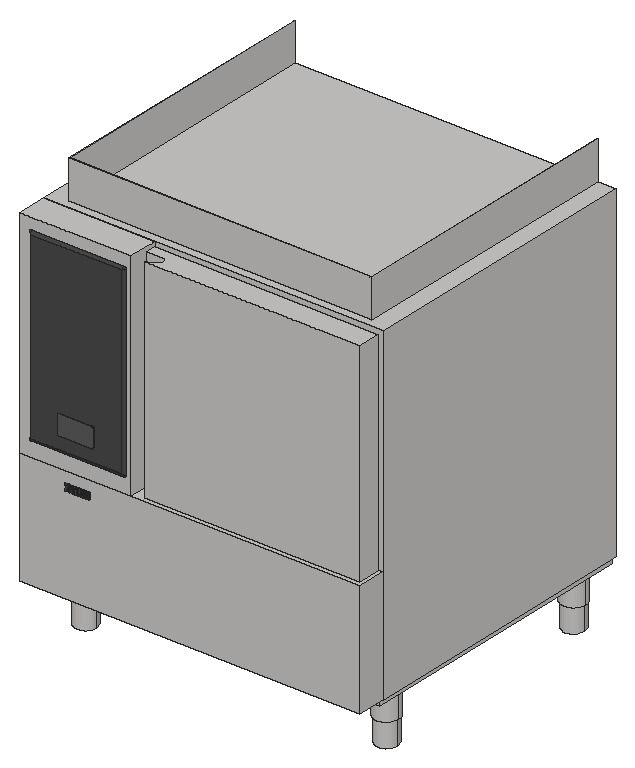
Revit family "QF_ZANUSSI_110545_ZBFA61WE", category Specialty Equipment, Revit 2018 (continued)
Automatic sketch dimensions
  Split face 66 sketch curve to Extrusion 7 = 262.581 mm
  Split face 66 sketch curve to Split face 66 sketch curve = 110.015 mm
  Split face 66 sketch curve to Extrusion 7 = 147.48 mm
  Split face 66 sketch curve to Split face 66 sketch curve = 5.027 mm
  Split face 67 sketch curve to Extrusion 7 = 262.581 mm
  Split face 67 sketch curve to Split face 67 sketch curve = 110.015 mm
  Split face 67 sketch curve to Extrusion 7 = 138.008 mm
  Split face 67 sketch curve to Split face 67 sketch curve = 5.027 mm
  Split face 68 sketch curve to Extrusion 7 = 128.536 mm
  Split face 68 sketch curve to Extrusion 7 = 262.581 mm
  Split face 68 sketch curve to Split face 68 sketch curve = 110.015 mm
  Split face 68 sketch curve to Split face 68 sketch curve = 5.027 mm
  Split face 69 sketch curve to Extrusion 7 = 119.064 mm
  Split face 69 sketch curve to Extrusion 7 = 262.581 mm
  Split face 69 sketch curve to Split face 69 sketch curve = 110.015 mm
  Split face 69 sketch curve to Split face 69 sketch curve = 5.027 mm
  Split face 70 sketch curve to Extrusion 7 = 109.592 mm
  Split face 70 sketch curve to Extrusion 7 = 262.581 mm
  Split face 70 sketch curve to Split face 70 sketch curve = 110.015 mm
  Split face 70 sketch curve to Split face 70 sketch curve = 5.027 mm
  Split face 71 sketch curve to Extrusion 7 = 100.119 mm
  Split face 71 sketch curve to Extrusion 7 = 262.581 mm
  Split face 71 sketch curve to Split face 71 sketch curve = 110.015 mm
  Split face 71 sketch curve to Split face 71 sketch curve = 5.027 mm
  Split face 72 sketch curve to Extrusion 7 = 90.647 mm
  Split face 72 sketch curve to Extrusion 7 = 262.581 mm
  Split face 72 sketch curve to Split face 72 sketch curve = 110.015 mm
  Split face 72 sketch curve to Split face 72 sketch curve = 5.027 mm
  Split face 73 sketch curve to Extrusion 7 = 81.175 mm
  Split face 73 sketch curve to Extrusion 7 = 262.581 mm
  Split face 73 sketch curve to Split face 73 sketch curve = 110.015 mm
  Split face 73 sketch curve to Split face 73 sketch curve = 5.027 mm
  Split face 74 sketch curve to Extrusion 7 = 71.703 mm
  Split face 74 sketch curve to Extrusion 7 = 262.581 mm
  Split face 74 sketch curve to Split face 74 sketch curve = 110.015 mm
  Split face 74 sketch curve to Split face 74 sketch curve = 5.027 mm
  Split face 75 sketch curve to Extrusion 7 = 62.231 mm
  Split face 75 sketch curve to Extrusion 7 = 262.581 mm
  Split face 75 sketch curve to Split face 75 sketch curve = 110.015 mm
  Split face 75 sketch curve to Split face 75 sketch curve = 5.027 mm
  Split face 76 sketch curve to Extrusion 7 = 52.758 mm
  Split face 76 sketch curve to Extrusion 7 = 262.581 mm
  Split face 76 sketch curve to Extrusion 7 = 47.731 mm
  Split face 76 sketch curve to Split face 76 sketch curve = 110.015 mm
  Split face 77 sketch curve to Extrusion 7 = 43.286 mm
  Split face 77 sketch curve to Extrusion 7 = 262.581 mm
  Split face 77 sketch curve to Extrusion 7 = 38.259 mm
  Split face 77 sketch curve to Split face 77 sketch curve = 110.015 mm
  Split face 78 sketch curve to Extrusion 7 = 33.814 mm
  Split face 78 sketch curve to Extrusion 7 = 262.581 mm
  Split face 78 sketch curve to Extrusion 7 = 28.787 mm
  Split face 78 sketch curve to Split face 78 sketch curve = 110.015 mm
  Split face 79 sketch curve to Extrusion 7 = 31.361 mm
  Split face 79 sketch curve to Extrusion 7 = 147.565 mm
  Split face 79 sketch curve to Extrusion 7 = 36.388 mm
  Split face 79 sketch curve to Split face 79 sketch curve = 110.015 mm
  Split face 80 sketch curve to Extrusion 7 = 40.833 mm
  Split face 80 sketch curve to Extrusion 7 = 147.565 mm
  Split face 80 sketch curve to Extrusion 7 = 45.86 mm
  Split face 80 sketch curve to Split face 80 sketch curve = 110.015 mm
  Split face 81 sketch curve to Extrusion 7 = 50.305 mm
  Split face 81 sketch curve to Extrusion 7 = 147.565 mm
  Split face 81 sketch curve to Split face 81 sketch curve = 110.015 mm
  Split face 81 sketch curve to Split face 81 sketch curve = 5.027 mm
  Split face 82 sketch curve to Extrusion 7 = 59.777 mm
  Split face 82 sketch curve to Extrusion 7 = 147.565 mm
  Split face 82 sketch curve to Split face 82 sketch curve = 110.015 mm
  Split face 82 sketch curve to Split face 82 sketch curve = 5.027 mm
  Split face 83 sketch curve to Extrusion 7 = 69.25 mm
  Split face 83 sketch curve to Extrusion 7 = 147.565 mm
  Split face 83 sketch curve to Split face 83 sketch curve = 110.015 mm
  Split face 83 sketch curve to Split face 83 sketch curve = 5.027 mm
  Split face 84 sketch curve to Extrusion 7 = 147.565 mm
  Split face 84 sketch curve to Split face 84 sketch curve = 110.015 mm
  Split face 84 sketch curve to Extrusion 7 = 78.722 mm
  Split face 84 sketch curve to Split face 84 sketch curve = 5.027 mm
  Split face 85 sketch curve to Extrusion 7 = 147.565 mm
  Split face 85 sketch curve to Split face 85 sketch curve = 110.015 mm
  Split face 85 sketch curve to Extrusion 7 = 88.194 mm
  Split face 85 sketch curve to Split face 85 sketch curve = 5.027 mm
  Split face 86 sketch curve to Extrusion 7 = 147.565 mm
  Split face 86 sketch curve to Split face 86 sketch curve = 110.015 mm
  Split face 86 sketch curve to Extrusion 7 = 97.666 mm
  Split face 86 sketch curve to Split face 86 sketch curve = 5.027 mm
  Split face 87 sketch curve to Extrusion 7 = 147.565 mm
  Split face 87 sketch curve to Split face 87 sketch curve = 110.015 mm
  Split face 87 sketch curve to Extrusion 7 = 107.138 mm
  Split face 87 sketch curve to Split face 87 sketch curve = 5.027 mm
  Split face 88 sketch curve to Extrusion 7 = 147.565 mm
  Split face 88 sketch curve to Split face 88 sketch curve = 110.015 mm
  Split face 88 sketch curve to Extrusion 7 = 116.611 mm
  Split face 88 sketch curve to Split face 88 sketch curve = 5.027 mm
  Split face 89 sketch curve to Extrusion 7 = 147.565 mm
  Split face 89 sketch curve to Split face 89 sketch curve = 110.015 mm
  Split face 89 sketch curve to Extrusion 7 = 126.083 mm
  Split face 89 sketch curve to Split face 89 sketch curve = 5.027 mm
  Split face 90 sketch curve to Extrusion 7 = 147.565 mm
  Split face 90 sketch curve to Split face 90 sketch curve = 110.015 mm
  Split face 90 sketch curve to Extrusion 7 = 135.555 mm
  Split face 90 sketch curve to Split face 90 sketch curve = 5.027 mm
  Split face 91 sketch curve to Extrusion 7 = 147.565 mm
  Split face 91 sketch curve to Split face 91 sketch curve = 110.015 mm
  Split face 91 sketch curve to Extrusion 7 = 145.027 mm
  Split face 91 sketch curve to Split face 91 sketch curve = 5.027 mm
  Split face 92 sketch curve to Extrusion 7 = 147.565 mm
  Split face 92 sketch curve to Split face 92 sketch curve = 110.015 mm
  Split face 92 sketch curve to Extrusion 7 = 147.48 mm
  Split face 92 sketch curve to Split face 92 sketch curve = 5.027 mm
  Split face 93 sketch curve to Extrusion 7 = 147.565 mm
  Split face 93 sketch curve to Split face 93 sketch curve = 110.015 mm
  Split face 93 sketch curve to Extrusion 7 = 138.008 mm
  Split face 93 sketch curve to Split face 93 sketch curve = 5.027 mm
  Split face 94 sketch curve to Extrusion 7 = 147.565 mm
  Split face 94 sketch curve to Split face 94 sketch curve = 110.015 mm
  Split face 94 sketch curve to Extrusion 7 = 128.536 mm
  Split face 94 sketch curve to Split face 94 sketch curve = 5.027 mm
  Split face 95 sketch curve to Extrusion 7 = 147.565 mm
  Split face 95 sketch curve to Split face 95 sketch curve = 110.015 mm
  Split face 95 sketch curve to Extrusion 7 = 119.064 mm
  Split face 95 sketch curve to Split face 95 sketch curve = 5.027 mm
  Split face 96 sketch curve to Extrusion 7 = 147.565 mm
  Split face 96 sketch curve to Split face 96 sketch curve = 110.015 mm
  Split face 96 sketch curve to Extrusion 7 = 109.592 mm
  Split face 96 sketch curve to Split face 96 sketch curve = 5.027 mm
  Split face 97 sketch curve to Extrusion 7 = 147.565 mm
  Split face 97 sketch curve to Split face 97 sketch curve = 110.015 mm
  Split face 97 sketch curve to Extrusion 7 = 100.119 mm
  Split face 97 sketch curve to Split face 97 sketch curve = 5.027 mm
  Split face 98 sketch curve to Extrusion 7 = 147.565 mm
  Split face 98 sketch curve to Split face 98 sketch curve = 110.015 mm
  Split face 98 sketch curve to Extrusion 7 = 90.647 mm
  Split face 98 sketch curve to Split face 98 sketch curve = 5.027 mm
  Split face 99 sketch curve to Extrusion 7 = 147.565 mm
  Split face 99 sketch curve to Split face 99 sketch curve = 110.015 mm
  Split face 99 sketch curve to Extrusion 7 = 81.175 mm
  Split face 99 sketch curve to Split face 99 sketch curve = 5.027 mm
  Split face 100 sketch curve to Extrusion 7 = 71.703 mm
  Split face 100 sketch curve to Extrusion 7 = 147.565 mm
  Split face 100 sketch curve to Split face 100 sketch curve = 110.015 mm
  Split face 100 sketch curve to Split face 100 sketch curve = 5.027 mm
  Split face 101 sketch curve to Extrusion 7 = 62.231 mm
  Split face 101 sketch curve to Extrusion 7 = 147.565 mm
  Split face 101 sketch curve to Split face 101 sketch curve = 110.015 mm
  Split face 101 sketch curve to Split face 101 sketch curve = 5.027 mm
  Split face 102 sketch curve to Extrusion 7 = 52.758 mm
  Split face 102 sketch curve to Extrusion 7 = 147.565 mm
  Split face 102 sketch curve to Extrusion 7 = 47.731 mm
  Split face 102 sketch curve to Split face 102 sketch curve = 110.015 mm
  Split face 103 sketch curve to Extrusion 7 = 43.286 mm
  Split face 103 sketch curve to Extrusion 7 = 147.565 mm
  Split face 103 sketch curve to Extrusion 7 = 38.259 mm
  Split face 103 sketch curve to Split face 103 sketch curve = 110.015 mm
  Split face 104 sketch curve to Extrusion 7 = 33.814 mm
  Split face 104 sketch curve to Extrusion 7 = 147.565 mm
  Split face 104 sketch curve to Extrusion 7 = 28.787 mm
  Split face 104 sketch curve to Split face 104 sketch curve = 110.015 mm
  Split face 105 sketch curve to Extrusion 7 = 32.55 mm
  Split face 105 sketch curve to Extrusion 7 = 36.388 mm
  Split face 105 sketch curve to Split face 105 sketch curve = 110.015 mm
  Split face 105 sketch curve to Split face 105 sketch curve = 5.027 mm
  Split face 106 sketch curve to Extrusion 7 = 32.55 mm
  Split face 106 sketch curve to Extrusion 7 = 45.86 mm
  Split face 106 sketch curve to Split face 106 sketch curve = 110.015 mm
  Split face 106 sketch curve to Split face 106 sketch curve = 5.027 mm
  Split face 107 sketch curve to Extrusion 7 = 32.55 mm
  Split face 107 sketch curve to Split face 107 sketch curve = 110.015 mm
  Split face 107 sketch curve to Extrusion 7 = 50.305 mm
  Split face 107 sketch curve to Split face 107 sketch curve = 5.027 mm
  Split face 108 sketch curve to Extrusion 7 = 32.55 mm
  Split face 108 sketch curve to Split face 108 sketch curve = 110.015 mm
  Split face 108 sketch curve to Extrusion 7 = 59.777 mm
  Split face 108 sketch curve to Split face 108 sketch curve = 5.027 mm
  Split face 109 sketch curve to Extrusion 7 = 32.55 mm
  Split face 109 sketch curve to Split face 109 sketch curve = 110.015 mm
  Split face 109 sketch curve to Extrusion 7 = 69.25 mm
  Split face 109 sketch curve to Split face 109 sketch curve = 5.027 mm
  Split face 110 sketch curve to Extrusion 7 = 32.55 mm
  Split face 110 sketch curve to Split face 110 sketch curve = 110.015 mm
  Split face 110 sketch curve to Extrusion 7 = 78.722 mm
  Split face 110 sketch curve to Split face 110 sketch curve = 5.027 mm
  Split face 111 sketch curve to Extrusion 7 = 32.55 mm
  Split face 111 sketch curve to Split face 111 sketch curve = 110.015 mm
  Split face 111 sketch curve to Extrusion 7 = 88.194 mm
  Split face 111 sketch curve to Split face 111 sketch curve = 5.027 mm
  Split face 112 sketch curve to Extrusion 7 = 32.55 mm
  Split face 112 sketch curve to Split face 112 sketch curve = 110.015 mm
  Split face 112 sketch curve to Extrusion 7 = 97.666 mm
  Split face 112 sketch curve to Split face 112 sketch curve = 5.027 mm
  Split face 113 sketch curve to Extrusion 7 = 32.55 mm
  Split face 113 sketch curve to Split face 113 sketch curve = 110.015 mm
  Split face 113 sketch curve to Extrusion 7 = 107.138 mm
  Split face 113 sketch curve to Split face 113 sketch curve = 5.027 mm
  Split face 114 sketch curve to Extrusion 7 = 32.55 mm
  Split face 114 sketch curve to Split face 114 sketch curve = 110.015 mm
  Split face 114 sketch curve to Extrusion 7 = 116.611 mm
  Split face 114 sketch curve to Split face 114 sketch curve = 5.027 mm
  Split face 115 sketch curve to Extrusion 7 = 32.55 mm
  Split face 115 sketch curve to Split face 115 sketch curve = 110.015 mm
  Split face 115 sketch curve to Extrusion 7 = 126.083 mm
  Split face 115 sketch curve to Split face 115 sketch curve = 5.027 mm
  Split face 116 sketch curve to Extrusion 7 = 32.55 mm
  Split face 116 sketch curve to Split face 116 sketch curve = 110.015 mm
  Split face 116 sketch curve to Extrusion 7 = 135.555 mm
  Split face 116 sketch curve to Split face 116 sketch curve = 5.027 mm
  Split face 117 sketch curve to Extrusion 7 = 32.55 mm
  Split face 117 sketch curve to Split face 117 sketch curve = 110.015 mm
  Split face 117 sketch curve to Extrusion 7 = 145.027 mm
  Split face 117 sketch curve to Split face 117 sketch curve = 5.027 mm
  Split face 118 sketch curve to Extrusion 7 = 32.55 mm
  Split face 118 sketch curve to Split face 118 sketch curve = 110.015 mm
  Split face 118 sketch curve to Extrusion 7 = 147.48 mm
  Split face 118 sketch curve to Split face 118 sketch curve = 5.027 mm
  Split face 119 sketch curve to Extrusion 7 = 32.55 mm
  Split face 119 sketch curve to Split face 119 sketch curve = 110.015 mm
  Split face 119 sketch curve to Extrusion 7 = 138.008 mm
  Split face 119 sketch curve to Split face 119 sketch curve = 5.027 mm
  Split face 120 sketch curve to Extrusion 7 = 32.55 mm
  Split face 120 sketch curve to Split face 120 sketch curve = 110.015 mm
  Split face 120 sketch curve to Extrusion 7 = 128.536 mm
  Split face 120 sketch curve to Split face 120 sketch curve = 5.027 mm
  Split face 121 sketch curve to Extrusion 7 = 32.55 mm
  Split face 121 sketch curve to Split face 121 sketch curve = 110.015 mm
  Split face 121 sketch curve to Extrusion 7 = 119.064 mm
  Split face 121 sketch curve to Split face 121 sketch curve = 5.027 mm
  Split face 122 sketch curve to Extrusion 7 = 32.55 mm
  Split face 122 sketch curve to Split face 122 sketch curve = 110.015 mm
  Split face 122 sketch curve to Extrusion 7 = 109.592 mm
  Split face 122 sketch curve to Split face 122 sketch curve = 5.027 mm
  Split face 123 sketch curve to Extrusion 7 = 32.55 mm
  Split face 123 sketch curve to Split face 123 sketch curve = 110.015 mm
  Split face 123 sketch curve to Extrusion 7 = 100.119 mm
  Split face 123 sketch curve to Split face 123 sketch curve = 5.027 mm
  Split face 124 sketch curve to Extrusion 7 = 32.55 mm
  Split face 124 sketch curve to Split face 124 sketch curve = 110.015 mm
  Split face 124 sketch curve to Extrusion 7 = 90.647 mm
  Split face 124 sketch curve to Split face 124 sketch curve = 5.027 mm
  Split face 125 sketch curve to Extrusion 7 = 32.55 mm
  Split face 125 sketch curve to Split face 125 sketch curve = 110.015 mm
  Split face 125 sketch curve to Extrusion 7 = 81.175 mm
  Split face 125 sketch curve to Split face 125 sketch curve = 5.027 mm
  Split face 126 sketch curve to Extrusion 7 = 32.55 mm
  Split face 126 sketch curve to Split face 126 sketch curve = 110.015 mm
  Split face 126 sketch curve to Extrusion 7 = 71.703 mm
  Split face 126 sketch curve to Split face 126 sketch curve = 5.027 mm
  Split face 127 sketch curve to Extrusion 7 = 32.55 mm
  Split face 127 sketch curve to Split face 127 sketch curve = 110.015 mm
  Split face 127 sketch curve to Extrusion 7 = 62.231 mm
  Split face 127 sketch curve to Split face 127 sketch curve = 5.027 mm
  Split face 128 sketch curve to Extrusion 7 = 32.55 mm
  Split face 128 sketch curve to Extrusion 7 = 47.731 mm
  Split face 128 sketch curve to Split face 128 sketch curve = 110.015 mm
  Split face 128 sketch curve to Split face 128 sketch curve = 5.027 mm
  Split face 129 sketch curve to Extrusion 7 = 32.55 mm
  Split face 129 sketch curve to Extrusion 7 = 38.259 mm
  Split face 129 sketch curve to Split face 129 sketch curve = 110.015 mm
  Split face 129 sketch curve to Split face 129 sketch curve = 5.027 mm
  Split face 130 sketch curve to Extrusion 7 = 32.55 mm
  Split face 130 sketch curve to Extrusion 7 = 28.787 mm
  Split face 130 sketch curve to Split face 130 sketch curve = 110.015 mm
  Split face 130 sketch curve to Split face 130 sketch curve = 5.027 mm
  Extrusion 10 sketch curve to plane 5 "BACK" = 0 mm  (x2)
  Extrusion 10 sketch curve to plane 14 = 0 mm  (x2)
  Extrusion 10 sketch curve to plane 3 "Center Y" = 141.58 mm
  Extrusion 10 sketch curve to Extrusion 10 sketch curve = 1.631 mm  (x2)
  Extrusion 10 sketch curve to Extrusion 10 sketch curve = 9.723 mm
  plane 9 to Extrusion 10 sketch curve = 80.967 mm
  plane 9 to Extrusion 10 sketch curve = 72.875 mm
  Extrusion 11 sketch curve to plane 7 "FRONT" = 0 mm
  plane 15 to Extrusion 11 sketch curve = 2.5 mm
  plane 8 to Extrusion 11 sketch curve = 332.497 mm
  Extrusion 11 sketch curve to plane 13 = 0.005 mm
  Extrusion 12 sketch curve to plane 7 "FRONT" = 0 mm
  Extrusion 12 sketch curve to plane 6 "RIGHT" = 21.029 mm
  Extrusion 12 sketch curve to plane 11 = 2 mm
  Extrusion 12 sketch curve to plane 3 "Center Y" = 139.7 mm
  plane 7 "FRONT" to Extrusion 12 sketch curve = 16.966 mm
  Extrusion 13 sketch curve to plane 7 "FRONT" = 0 mm
  plane 7 "FRONT" to Extrusion 13 sketch curve = 32.227 mm
  Extrusion 13 sketch curve to plane 3 "Center Y" = 139.7 mm
  Extrusion 13 sketch curve to Extrusion 13 sketch curve = 21.962 mm
  Extrusion 13 sketch curve to Extrusion 13 sketch curve = 23.346 mm
  Extrusion 13 sketch curve to Extrusion 13 sketch curve = 0.039 mm
  plane 7 "FRONT" to Extrusion 13 sketch curve = 16.635 mm
  Extrusion 13 sketch curve to Extrusion 13 sketch curve = 4.321 mm
  plane 15 to Extrusion 14 sketch curve = 2.5 mm
  Extrusion 14 sketch curve to Extrusion 14 sketch curve = 21.962 mm
  Extrusion 14 sketch curve to Extrusion 14 sketch curve = 23.346 mm
  Extrusion 14 sketch curve to Extrusion 14 sketch curve = 0.039 mm
  Extrusion 14 sketch curve to Extrusion 14 sketch curve = 4.321 mm
  plane 6 "RIGHT" to Extrusion 14 sketch curve = 6 mm
  Extrusion 14 sketch curve to Extrusion 14 sketch curve = 16.635 mm
  Extrusion 14 sketch curve to Extrusion 14 sketch curve = 7.197 mm
  curve 15 to plane 7 "FRONT" = 0 mm
  curve 1 to plane 5 "BACK" = 0 mm
  curve 1 to plane 6 "RIGHT" = 0 mm
  curve 17 to plane 7 "FRONT" = 0 mm
  curve 10 to plane 14 = 0 mm
  curve 2 to plane 4 "LEFT" = 0 mm
  curve 14 to plane 6 "RIGHT" = 21.029 mm
  curve 17 to plane 11 = 2 mm
  curve 10 to plane 3 "Center Y" = 151.303 mm
  curve 6 to plane 7 "FRONT" = 5 mm
  curve 6 to plane 3 "Center Y" = 176 mm
  plane 9 to curve 8 = 80.967 mm
  plane 9 to curve 12 = 22.5 mm
  plane 9 to curve 13 = 1.5 mm
  curve 5 to plane 9 = 17.5 mm
  curve 13 to curve 13 = 29 mm
  plane 7 "FRONT" to curve 14 = 16.966 mm
  plane 15 to curve 17 = 2.5 mm
  plane 6 "RIGHT" to curve 15 = 6 mm
  plane 11 to curve 16 = 25.773 mm
  curve 10 to curve 9 = 8.092 mm
  curve 6 to curve 5 = 8 mm
  curve 8 to curve 12 = 50.375 mm
  curve 5 to curve 7 = 8 mm
  plane 15 to curve 15 = 24.462 mm
  plane 11 to curve 18 = 25.773 mm
  curve 19 to curve 19 = 8.395 mm
  plane 15 to curve 18 = 47.808 mm
  curve 19 to curve 19 = 0.039 mm
  curve 19 to curve 19 = 7.197 mm
  plane 15 to curve 18 = 2.5 mm
  plane 6 "RIGHT" to curve 20 = 6 mm
  plane 15 to curve 20 = 24.462 mm
  Extrusion 15 sketch curve to plane 5 "BACK" = 0 mm  (x2)
  Extrusion 15 sketch curve to plane 9 = 3 mm
  Extrusion 15 sketch curve to plane 9 = 1 mm
  plane 11 to Extrusion 15 sketch curve = 1 mm
  Extrusion 15 sketch curve to Extrusion 15 sketch curve = 2 mm  (x2)
  Extrusion 15 sketch curve to plane 12 = 49 mm
  radius of Extrusion 5 sketch curve = 10.5 mm
  radius of Extrusion 9 sketch curve = 9.5 mm
Nested families
  nested 1: "Foot_Complete" at (-708, -142.149, 0), type "Foot_Complete"
    with H 130 mm
  nested 2: "Foot_Complete" at (85, -142.149, 0), type "Foot_Complete"
    with H 130 mm
  nested 3: "Foot_Complete" at (85, 473.851, 0), type "Foot_Complete"
    with H 130 mm
  nested 4: "Foot_Complete" at (-708, 473.851, 0), type "Foot_Complete"
    with H 130 mm
  nested 5: "ZAN_Logo_XS" at (-606.5, -295.149, 414.9) x (1, 0, 0) z (0, -1, 0), visible <- "Show Logo", type "ZAN_Logo_XS"
  nested 6: "ZAN_Touch" at (-606.5, -295.149, 741.265) x (1, 0, 0) z (0, -1, 0), type "ZAN_Touch"
Connectors
  electrical at (-696, 577.851, 258), driven by "Volts"
    settings: on Extrusion 5, index 5, voltage 380 V, apparent load 0 VA, apparent load phase1 0 VA, apparent load phase2 0 VA, apparent load phase3 0 VA, power factor 1, load classification "Altro", number of poles 1, system type 30, power factor state 1, is connector primary yes, connector utility no, sub classification motor no, connector description "Electrical Connection"
  piping at (-360, 215.851, 98.32), diameter 19
    settings: on cut or joined group of Extrusion 1, Extrusion 3, Extrusion 4, Extrusion 5, Extrusion 8, Extrusion 9, Extrusion 10, Extrusion 15, index 6, connector inside diameter 609.6 mm, connector length 0 mm, flow factor 0, pipe flow 0.0 L/s, pressure drop 0.0 Pa, fitting loss kfactor 0, connector angle 0.00°, fixture units 0, engagement length 0 mm, angle of deflection 0.00°, flow configuration 1, flow direction 2, fitting loss method 0, system type 16, joint type 0, gender type 0, connector reference index -1, connector utility 0, adjustable connector no, is connector primary yes, connector description "Drain"
Definition of nested family "Foot_Complete"
  Parameters
    R = 32 mm
    H = 150 mm
  Reference planes
    plane 1 "Centro (Fronte/Retro)": y = 0
    plane 2: z = 0
    plane 3 "Centro (Sinistra/Destra)": x = 0
    plane 4: z = 150
  Forms (mm)
    Revolve 1, solid
      sketch origin (255.05, 0, 608.09) x (0, 0, 1) y (-1, 0, 0)
        loop
          line (-608.09, 255.05) -> (-608.09, 226.55) -> (-544.09, 226.55) -> (-544.09, 223.05) -> (-458.09, 223.05) -> (-458.09, 255.05) -> (-608.09, 255.05)
        axis (-608.09, 255.05) -> (-458.09, 255.05)
      angle from 0 to 360
  Dimensions and locks
    locked: level to Revolve 1 sketch curve at 64
    "R": Revolve 1 sketch curve to plane 3 "Centro (Sinistra/Destra)"
    "H": plane 4 to level
    aligned and locked: level to plane 2
    aligned and locked: plane 4 to Revolve 1 sketch curve
    aligned and locked: Revolve 1 sketch curve to level
    aligned and locked: plane 3 "Centro (Sinistra/Destra)" to Revolve 1 sketch curve
  Automatic sketch dimensions
    Revolve 1 sketch curve to plane 3 "Centro (Sinistra/Destra)" = 0 mm
    plane 3 "Centro (Sinistra/Destra)" to Revolve 1 sketch curve = 28.5 mm
    Revolve 1 sketch curve to Revolve 1 sketch curve = 50 mm
    Revolve 1 sketch curve to Revolve 1 sketch curve = 20 mm
Definition of nested family "ZAN_Logo_XS"
  Parameters
    Default Elevation = 0 mm
    M [instance] = none
  Reference planes
    plane 1 "Centro (Fronte/Retro)": y = 0
    plane 2: z = 0
    plane 3 "Centro (Sinistra/Destra)": x = 0
  Forms (mm)
    Extrusion 1, solid
      sketch origin (0, 0, 0) x (1, 0, 0) y (0, 1, 0)
        loop
          line (-1219.2, 1219.2) -> (-1219.2, -1219.2) -> (1219.2, -1219.2) -> (1219.2, 1219.2) -> (-1219.2, 1219.2)
      from 0 to -304.8
    Extrusion 2, solid, material <- "M"
      sketch origin (17.793, -46.218, 0) x (-1, 0, 0) y (0, -1, 0)
        loop
          spline (1.911, -54.793) -> (2.402, -54.973) -> (2.91, -55.105) -> (3.43, -55.191) -> (3.955, -55.229) -> (4.482, -55.219) -> (5.006, -55.161) -> (5.521, -55.054) -> (6.022, -54.898) -> (6.506, -54.693) -> (6.966, -54.438) -> (7.398, -54.133) -> (7.797, -53.778)
          spline (7.797, -53.778) -> (8.033, -53.407) -> (8.237, -53.008) -> (8.407, -52.586) -> (8.544, -52.147) -> (8.65, -51.697) -> (8.723, -51.241) -> (8.764, -50.785) -> (8.774, -50.335) -> (8.753, -49.897) -> (8.701, -49.475) -> (8.619, -49.075) -> (8.507, -48.704)
          line (8.507, -48.704) -> (6.883, -46.37) -> (5.158, -44.848) -> (3.027, -42.716)
          spline (3.027, -42.716) -> (3.002, -42.56) -> (2.979, -42.398) -> (2.962, -42.23) -> (2.952, -42.059) -> (2.951, -41.886) -> (2.963, -41.714) -> (2.99, -41.545) -> (3.034, -41.378) -> (3.098, -41.218) -> (3.184, -41.065) -> (3.295, -40.921) -> (3.433, -40.788)
          line (3.433, -40.788) -> (4.752, -40.687)
          spline (4.752, -40.687) -> (4.999, -40.855) -> (5.185, -41.053) -> (5.32, -41.275) -> (5.41, -41.518) -> (5.463, -41.775) -> (5.488, -42.044) -> (5.491, -42.319) -> (5.481, -42.596) -> (5.466, -42.87) -> (5.452, -43.137) -> (5.448, -43.392) -> (5.462, -43.63)
          line (5.462, -43.63) -> (9.014, -43.63)
          spline (9.014, -43.63) -> (9.056, -43.199) -> (9.08, -42.769) -> (9.084, -42.342) -> (9.067, -41.92) -> (9.027, -41.503) -> (8.964, -41.093) -> (8.875, -40.691) -> (8.759, -40.3) -> (8.615, -39.919) -> (8.441, -39.552) -> (8.237, -39.198) -> (7.999, -38.86)
          spline (7.999, -38.86) -> (7.708, -38.596) -> (7.394, -38.361) -> (7.059, -38.155) -> (6.707, -37.977) -> (6.338, -37.828) -> (5.957, -37.706) -> (5.565, -37.612) -> (5.165, -37.545) -> (4.76, -37.504) -> (4.351, -37.491) -> (3.942, -37.503) -> (3.534, -37.541)
          spline (3.534, -37.541) -> (3.104, -37.608) -> (2.677, -37.709) -> (2.258, -37.842) -> (1.85, -38.007) -> (1.459, -38.203) -> (1.086, -38.429) -> (0.737, -38.685) -> (0.415, -38.969) -> (0.123, -39.282) -> (-0.133, -39.622) -> (-0.35, -39.989) -> (-0.525, -40.383)
          spline (-0.525, -40.383) -> (-0.633, -40.866) -> (-0.704, -41.352) -> (-0.738, -41.837) -> (-0.736, -42.318) -> (-0.698, -42.794) -> (-0.627, -43.262) -> (-0.521, -43.719) -> (-0.382, -44.164) -> (-0.211, -44.592) -> (-0.008, -45.003) -> (0.226, -45.394) -> (0.49, -45.761)
          line (0.49, -45.761) -> (4.549, -49.414) -> (5.056, -50.023) -> (5.259, -51.647) -> (4.042, -52.256) -> (3.027, -51.546) -> (2.925, -49.414) -> (-0.424, -49.414) -> (-0.22, -52.865)
          spline (-0.22, -52.865) -> (-0.13, -53.068) -> (-0.013, -53.268) -> (0.127, -53.466) -> (0.287, -53.658) -> (0.464, -53.843) -> (0.655, -54.019) -> (0.856, -54.185) -> (1.065, -54.338) -> (1.278, -54.478) -> (1.492, -54.601) -> (1.704, -54.707) -> (1.911, -54.793)
        loop
          spline (-10.267, -52.966) -> (-9.987, -53.421) -> (-9.658, -53.822) -> (-9.284, -54.17) -> (-8.873, -54.466) -> (-8.429, -54.711) -> (-7.959, -54.907) -> (-7.467, -55.054) -> (-6.96, -55.154) -> (-6.443, -55.207) -> (-5.922, -55.214) -> (-5.402, -55.178) -> (-4.889, -55.098)
          spline (-4.889, -55.098) -> (-4.532, -55.03) -> (-4.176, -54.93) -> (-3.825, -54.799) -> (-3.483, -54.639) -> (-3.156, -54.45) -> (-2.847, -54.235) -> (-2.561, -53.994) -> (-2.303, -53.729) -> (-2.077, -53.442) -> (-1.889, -53.134) -> (-1.742, -52.805) -> (-1.641, -52.459)
          spline (-1.641, -52.459) -> (-1.485, -51.997) -> (-1.371, -51.525) -> (-1.299, -51.049) -> (-1.269, -50.572) -> (-1.282, -50.098) -> (-1.337, -49.63) -> (-1.434, -49.173) -> (-1.574, -48.73) -> (-1.756, -48.306) -> (-1.98, -47.904) -> (-2.246, -47.528) -> (-2.555, -47.182)
          line (-2.555, -47.182) -> (-6.31, -43.833) -> (-7.121, -42.615)
          spline (-7.121, -42.615) -> (-7.146, -42.461) -> (-7.169, -42.304) -> (-7.188, -42.144) -> (-7.2, -41.984) -> (-7.204, -41.823) -> (-7.198, -41.664) -> (-7.178, -41.506) -> (-7.144, -41.352) -> (-7.093, -41.202) -> (-7.023, -41.058) -> (-6.932, -40.919) -> (-6.817, -40.788)
          line (-6.817, -40.788) -> (-5.802, -40.585)
          spline (-5.802, -40.585) -> (-5.443, -40.671) -> (-5.17, -40.818) -> (-4.971, -41.02) -> (-4.836, -41.266) -> (-4.753, -41.547) -> (-4.711, -41.854) -> (-4.699, -42.178) -> (-4.705, -42.51) -> (-4.718, -42.84) -> (-4.726, -43.16) -> (-4.719, -43.46) -> (-4.686, -43.731)
          line (-4.686, -43.731) -> (-1.134, -43.63)
          spline (-1.134, -43.63) -> (-1.09, -43.193) -> (-1.063, -42.747) -> (-1.055, -42.296) -> (-1.07, -41.845) -> (-1.112, -41.396) -> (-1.185, -40.953) -> (-1.291, -40.522) -> (-1.435, -40.104) -> (-1.619, -39.705) -> (-1.848, -39.329) -> (-2.125, -38.978) -> (-2.453, -38.657)
          spline (-2.453, -38.657) -> (-2.873, -38.351) -> (-3.319, -38.09) -> (-3.785, -37.876) -> (-4.269, -37.706) -> (-4.765, -37.582) -> (-5.269, -37.503) -> (-5.778, -37.468) -> (-6.287, -37.477) -> (-6.792, -37.53) -> (-7.288, -37.626) -> (-7.771, -37.765) -> (-8.238, -37.947)
          spline (-8.238, -37.947) -> (-8.443, -38.033) -> (-8.65, -38.14) -> (-8.858, -38.264) -> (-9.065, -38.405) -> (-9.269, -38.562) -> (-9.468, -38.733) -> (-9.661, -38.917) -> (-9.846, -39.112) -> (-10.022, -39.317) -> (-10.185, -39.53) -> (-10.335, -39.751) -> (-10.47, -39.977)
          spline (-10.47, -39.977) -> (-10.65, -40.464) -> (-10.783, -40.962) -> (-10.87, -41.467) -> (-10.91, -41.976) -> (-10.904, -42.487) -> (-10.851, -42.996) -> (-10.752, -43.501) -> (-10.606, -43.998) -> (-10.413, -44.486) -> (-10.174, -44.961) -> (-9.889, -45.421) -> (-9.557, -45.863)
          line (-9.557, -45.863) -> (-5.295, -49.719) -> (-4.787, -51.038) -> (-5.193, -52.053) -> (-6.107, -52.256) -> (-7.121, -51.546) -> (-7.223, -49.516) -> (-10.673, -49.414)
          spline (-10.673, -49.414) -> (-10.656, -49.721) -> (-10.65, -50.03) -> (-10.653, -50.341) -> (-10.658, -50.651) -> (-10.662, -50.96) -> (-10.661, -51.267) -> (-10.648, -51.569) -> (-10.621, -51.865) -> (-10.573, -52.154) -> (-10.502, -52.435) -> (-10.401, -52.706) -> (-10.267, -52.966)
        loop
          line (-11.282, -37.541) -> (-14.834, -37.541) -> (-14.834, -54.894) -> (-11.282, -54.894) -> (-11.282, -37.541)
        loop
          line (15.205, -41.702) -> (15.205, -54.894) -> (18.757, -54.894) -> (18.757, -43.224) -> (18.554, -40.383)
          arc (18.554, -40.383) -> (17.093, -38.328) -> (14.698, -37.541) r 4.037
          line (14.698, -37.541) -> (13.074, -37.541) -> (12.262, -37.744)
          arc (12.262, -37.744) -> (10.306, -39.004) -> (9.522, -41.194) r 3.619
          line (9.522, -41.194) -> (9.522, -54.894) -> (13.074, -54.894) -> (13.074, -42.006) -> (13.479, -41.093) -> (14.596, -40.991) -> (15.205, -41.702)
        loop
          line (19.569, -54.894) -> (22.816, -54.894) -> (22.816, -43.833) -> (25.759, -54.894) -> (29.514, -54.894) -> (29.514, -37.541) -> (26.368, -37.541) -> (26.368, -49.008) -> (23.425, -37.541) -> (19.569, -37.541) -> (19.569, -54.894)
        loop
          line (41.184, -54.894) -> (50.013, -54.894) -> (50.013, -51.647) -> (45.345, -51.749) -> (50.419, -41.093) -> (50.419, -37.541) -> (41.184, -37.541) -> (41.184, -41.093) -> (46.511, -41.093) -> (41.184, -51.952) -> (41.184, -54.894)
        loop
          line (32.964, -54.894) -> (37.835, -54.894) -> (40.981, -37.541) -> (37.328, -37.541) -> (36.821, -40.89) -> (33.878, -40.89) -> (33.37, -37.541) -> (29.717, -37.541) -> (32.964, -54.894)
        loop
          line (36.415, -44.036) -> (34.385, -44.036) -> (35.4, -51.928) -> (36.415, -44.036)
      from 0 to 1.644
  Dimensions and locks
    aligned and locked: plane 2 to Extrusion 1
    aligned and locked: level to Extrusion 1
Definition of nested family "ZAN_Touch"
  Parameters
    Default Elevation = 1219.2 mm
  Reference planes
    plane 1 "Centro (Fronte/Retro)": y = 0
    plane 2: z = 0
    plane 3 "Centro (Sinistra/Destra)": x = 0
  Forms (mm)
    Extrusion 1, solid
      sketch origin (0, 0, 0) x (1, 0, 0) y (0, 1, 0)
        loop
          line (-1219.2, 1219.2) -> (-1219.2, -1219.2) -> (1219.2, -1219.2) -> (1219.2, 1219.2) -> (-1219.2, 1219.2)
      from 0 to -304.8
    Extrusion 2, solid
      sketch origin (0, 0, 5) x (1, 0, 0) y (0, 1, 0)
        loop
          line (-47, -160) -> (-47, -202)
          arc (-47, -202) -> (-45.536, -205.535) -> (-42, -207) r 5
          line (-42, -207) -> (42, -207)
          arc (42, -207) -> (45.536, -205.535) -> (47, -202) r 5
          line (47, -202) -> (47, -160)
          arc (47, -160) -> (45.536, -156.465) -> (42, -155) r 5
          line (42, -155) -> (-42, -155)
          arc (-42, -155) -> (-45.536, -156.465) -> (-47, -160) r 5
      from 0 to 2
    Blend 3, solid
      base sketch origin (0, 0, 0) x (1, 0, 0) y (0, 1, 0)
        loop
          line (-127, 244) -> (-127, -244)
          arc (-127, -244) -> (-125.536, -247.536) -> (-122, -249) r 5
          line (-122, -249) -> (122, -249)
          arc (122, -249) -> (125.536, -247.536) -> (127, -244) r 5
          line (127, -244) -> (127, 244)
          arc (127, 244) -> (125.536, 247.536) -> (122, 249) r 5
          line (122, 249) -> (-122, 249)
          arc (-122, 249) -> (-125.536, 247.536) -> (-127, 244) r 5
      top sketch origin (0, 0, 0) x (1, 0, 0) y (0, 1, 0)
        loop
          line (-119, -241) -> (119, -241) -> (119, 241) -> (-119, 241) -> (-119, -241)
      from 0 to 5
  Lines and regions (mm)
    Split face 1
      outline origin (0, 0, 5) x (1, 0, 0) y (0, 1, 0)
        loop
          line (-70.506, 46.167) -> (70.506, 46.167) -> (70.506, 214.829) -> (-70.506, 214.829) -> (-70.506, 46.167)
    Split face 2
      outline origin (0, 0, 5) x (1, 0, 0) y (0, 1, 0)
        loop
          line (-47.467, 50.825) -> (47.467, 50.825) -> (47.467, 210.171) -> (-47.467, 210.171) -> (-47.467, 50.825)
    Split face 3
      outline origin (0, 0, 5) x (1, 0, 0) y (0, 1, 0)
        loop
          line (116.89, 241) -> (114.093, 80.78)
          arc (114.093, 80.78) -> (111.629, 50.696) -> (105.329, 21.176) r 235
          arc (105.329, 21.176) -> (102.404, 0) -> (105.329, -21.176) r 78.117
          arc (105.329, -21.176) -> (111.629, -50.696) -> (114.093, -80.78) r 235
          line (114.093, -80.78) -> (116.89, -241)
  Dimensions and locks
    aligned and locked: plane 2 to Extrusion 1
    aligned and locked: level to Extrusion 1
